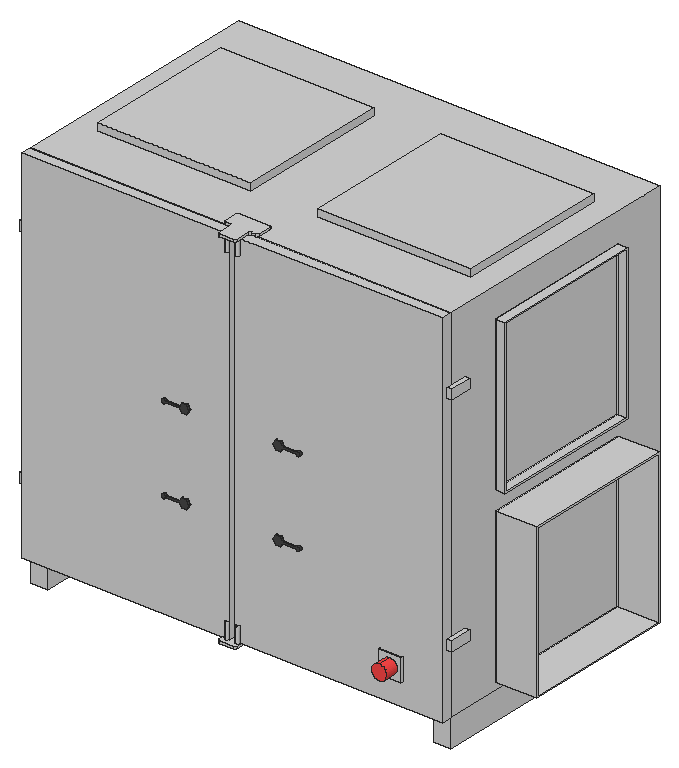
Revit family "Ventilator-RenewAire-Energy-Recovery-HE1.5XINV", category Mechanical Equipment, Revit 2015
Parameters (values of type "1 HP 120V Single Phase")
  Voltage = "120"
  Ventilation Type = "Static Plate, Heat and Humidity Transfer"
  Upper Right Connector = yes
  Upper Left Connector = yes
  Unit Width = "34-1/2\""
  Unit Weight = "362-504 lbs."
  Unit Length = "59-1/2\""
  Unit Height = "46-1/4\""
  Unit = Metal - RenewAire - Anodized - Gray Text
  URL = "www.renewaire.com"
  Typical Airflow Range = "375 - 1,575 CFM"
  Top Right Offset = if(Upper Right Connector, 2' 1", 1' 10 1/4")  # 2' - 1"
  Top Right Height = if(Upper Right Connector, 2' 0 1/2", 3' 9 7/8")  # 2' - 0 1/2"
  Top Right Connector = not(Upper Right Connector)  # no
  Top Right Angle = if(Upper Right Connector, 0.00°, 270.00°)  # 0.00°
  Top Left Offset = if(Upper Left Connector, 2' 0 3/4", 1' 9 7/8")  # 2' - 0 3/4"
  Top Left Height = if(Upper Left Connector, 2' 0 3/8", 3' 9 7/8")  # 2' - 0 3/8"
  Top Left Connector = not(Upper Left Connector)  # no
  Top Left Angle = if(Upper Left Connector, 0.00°, -90.00°)  # 0.00°
  Standard Features = "Non-Fused Disconnect, 24VAC Transformer/Relay Package"
  Shipping Weight = "571 lbs."
  Service Area Visibility = no
  Service Area Box = Interference - RenewAire - Smooth - Light - Gold
  Revit Object Download Link = ""
  Phase = "Single"
  Options = "Qty. 2, ECM Motor (see HE1.5XINV EC Motor submittal) - 1.0 HP 120V/1Ph/60HZ, 1.0HP 208-230V/1Ph/60HZ, Integrated programmable controls, Fused disconnect, Double wall construction, Gravity backdraft dampers, Class 1 low leakage motorized isolation dampers – FA, EA or both airstreams, Qty. 2 Factory mounted filter alarms, Independent blower control, Exterior paint - white, custom colors, Bypass economizer (see bypass dimension drawing page) – dry bulb temperature controls(standard), enthalpy controls(option)"
  Number Motors = "Qty. 2, 1.0 HP ea., Direct drive standard motorized impeller packages"
  Model = "HE1.5XINV"
  Minimum Circuit Amps = "14.6 A"
  Maximum Overcurrent Protection = "20 A"
  Max. Shipping Width = "47\""
  Max. Shipping Length = "70\""
  Max. Shipping Height = "59\""
  Manufacturer = "RenewAire LLC"
  Lower Right Connector = yes
  Lower Left Connector = yes
  Frequency = "60 HZ"
  FLA per Motor = "6.5"
  Description = "Energy Recovery Ventilator"
  Bottom Right Offset = if(Lower Right Connector, 2' 1", 0' 4 1/4")  # 2' - 1"
  Bottom Right Height = if(Lower Right Connector, 0' 4 1/4", 0' 3 1/4")  # 0' - 4 1/4"
  Bottom Right Connector = not(Lower Right Connector)  # no
  Bottom Right Angle = if(Lower Right Connector, 0.00°, 90.00°)  # 0.00°
  Bottom Left Offset = if(Lower Left Connector, 2' 1", 1' 10")  # 2' - 1"
  Bottom Left Height = if(Lower Left Connector, 1' 10 1/4", 0' 3")  # 1' - 10 1/4"
  Bottom Left Connector = not(Lower Left Connector)  # no
  Bottom Left Angle = if(Lower Left Connector, 180.00°, 270.00°)  # 180.00°
  Accessories = "Filters - MERV 13, 2\" (shipped loose), Backdraft Damper - OA or EA, Digital time clock - wall mount(TC7D-W), in exterior enclosure (TC7D-E), Motion occupancy control - ceiling mount(MC-C), wall mount(MC-W), Carbon dioxide control - wall mount (CO2-W), duct mount(CO2-D), Electric duct heater – EK series (1-60 KW), Indirect gas-fired duct furnace - GH Series (50-400 MBH), installed downstream of any fans"
  AHRI 1060 Certified Core = "One L62-G5 and one L125-G5"
Types (6): name | Voltage | Service Area Visibility | Phase | Minimum Circuit Amps | Maximum Overcurrent Protection | FLA per Motor
  (no name) | "120" | no | "Single" | "14.6 A" | "20 A" | "6.5"
  1 HP 120V Single Phase | "120" | no | "Single" | "14.6 A" | "20 A" | "6.5"
  1 HP 208-230V Single Phase | "208-230" | yes | "Single" | "7.7 A" | "15 A" | "3.3-3.4"
  1 HP 277V Single Phase | "277" | yes | "Single" | "6.1 A" | "15 A" | "2.7"
  1 HP 208-230V Three Phase | "208-230" | yes | "Three" | "5.0 A" | "15 A" | "2.2-2.2"
  1 HP 460V Three Phase | "460" | yes | "Three" | "2.5 A" | "15 A" | "1.1"
Reference planes (in)
  plane 1 "Center (Front/Back)": y = 0
  plane 2: z = 0
  plane 3 "Center (Left/Right)": x = 0
  plane 4 "MinServiceArea": y = -36.0625
Forms (in)
  Extrusion 1, solid, material "Metal - RenewAire - Anodized - Gray Text" <- "Unit"
    sketch origin (28, 0, 24.5625) x (0, 0, 1) y (0, 1, 0)
      loop
        line (-21.3125, 15.9375) -> (-21.3125, -14.6875) -> (21.3125, -14.6875) -> (21.3125, 15.9375) -> (-21.3125, 15.9375)
    from 3.25 to 52.75
  Extrusion 2, solid, material "Metal - RenewAire - Anodized - Gray Text" <- "Unit"
    sketch origin (0, 0, 0) x (1, 0, 0) y (0, 0, 1)
      loop
        line (-24.75, 3.25) -> (-24.75, 0) -> (-22.75, 0) -> (-22.75, 3.25) -> (-24.75, 3.25)
      loop
        line (24.75, 3.25) -> (22.75, 3.25) -> (22.75, 0) -> (24.75, 0) -> (24.75, 3.25)
    from -15.9375 to 14.6875
  Extrusion 3, solid, material "Metal - RenewAire - Anodized - Gray Text" <- "Unit"
    sketch origin (28, 0, 24.5625) x (0, 0, 1) y (-1, 0, 0)
      loop
        line (-21.3125, 52.75) -> (-21.3125, 28.25) -> (21.3125, 28.25) -> (21.3125, 52.75) -> (-21.3125, 52.75)
      loop
        line (-21.3125, 27.75) -> (-21.3125, 3.25) -> (21.3125, 3.25) -> (21.3125, 27.75) -> (-21.3125, 27.75)
    from 14.6875 to 15.9375
  Extrusion 4, solid, material "Interference - RenewAire - Smooth - Light - Gold" <- "Service Area Box", visible <- "Service Area Visibility"
    sketch origin (28, 0, 24.5625) x (0, 1, 0) y (-1, 0, 0)
      loop
        line (-15.9375, 52.75) -> (-40.4375, 52.75) -> (-40.4375, 3.25) -> (-15.9375, 3.25) -> (-15.9375, 52.75)
    from -21.3125 to 21.3125
  Extrusion 5, solid, material "Metal - RenewAire - Anodized - Gray Text" <- "Unit"
    sketch origin (28, 0, 24.5625) x (0, 0, 1) y (-1, 0, 0)
      loop
        line (-18.6875, 10.625) -> (-18.6875, 8) -> (-16.0625, 8) -> (-16.0625, 10.625) -> (-18.6875, 10.625)
    from 15.9375 to 16.15339
  Extrusion 6, solid, material "Plastic Red"
    sketch origin (28, 0, 24.5625) x (0, 0, 1) y (-1, 0, 0)
      loop
        circle (-17.375, 9.3125) r 0.875
    from 16.15339 to 17.6875
  Extrusion 7, solid, material "Metal - RenewAire - Anodized - Gray Text" <- "Unit"
    sketch origin (28, 0, 24.5625) x (0, 0, 1) y (0, 1, 0)
      loop
        line (-13.8125, -12.8125) -> (-13.8125, -15.4375) -> (-12.6875, -15.4375) -> (-12.6875, -12.8125) -> (-13.8125, -12.8125)
    from 52.75 to 53.375
  Extrusion 8, solid, material "Metal - RenewAire - Anodized - Gray Text" <- "Unit"
    sketch origin (28, 0, 51.0625) x (0, 0, 1) y (0, 1, 0)
      loop
        line (-13.8125, -12.8125) -> (-13.8125, -15.4375) -> (-12.6875, -15.4375) -> (-12.6875, -12.8125) -> (-13.8125, -12.8125)
    from 52.75 to 53.375
  Extrusion 9, solid, material "Metal - RenewAire - Anodized - Gray Text" <- "Unit"
    sketch origin (28, 0, 24.5625) x (0, 0, 1) y (0, 1, 0)
      loop
        line (-13.8125, -12.8125) -> (-13.8125, -15.4375) -> (-12.6875, -15.4375) -> (-12.6875, -12.8125) -> (-13.8125, -12.8125)
    from 2.625 to 3.25
  Extrusion 10, solid, material "Metal - RenewAire - Anodized - Gray Text" <- "Unit"
    sketch origin (28, 0, 51.0625) x (0, 0, 1) y (0, 1, 0)
      loop
        line (-13.8125, -12.8125) -> (-13.8125, -15.4375) -> (-12.6875, -15.4375) -> (-12.6875, -12.8125) -> (-13.8125, -12.8125)
    from 2.625 to 3.25
  Extrusion 11, solid, material "Metal - RenewAire - Anodized - Gray Text" <- "Unit"
    sketch origin (28, 0, 24.5625) x (0, 1, 0) y (-1, 0, 0)
      loop
        line (-12.9375, 30) -> (-14.4375, 30)
        arc (-14.4375, 30) -> (-14.61428, 29.92678) -> (-14.6875, 29.75) r 0.25
        line (-14.6875, 29.75) -> (-14.6875, 29.3125)
        arc (-14.6875, 29.3125) -> (-14.76072, 29.13572) -> (-14.9375, 29.0625) r 0.25
        line (-14.9375, 29.0625) -> (-16.5625, 29.0625)
        arc (-16.5625, 29.0625) -> (-16.73928, 28.98928) -> (-16.8125, 28.8125) r 0.25
        line (-16.8125, 28.8125) -> (-16.8125, 27.1875)
        arc (-16.8125, 27.1875) -> (-16.73928, 27.01072) -> (-16.5625, 26.9375) r 0.25
        line (-16.5625, 26.9375) -> (-14.9375, 26.9375)
        arc (-14.9375, 26.9375) -> (-14.76072, 26.86428) -> (-14.6875, 26.6875) r 0.25
        line (-14.6875, 26.6875) -> (-14.6875, 26.25)
        arc (-14.6875, 26.25) -> (-14.61428, 26.07322) -> (-14.4375, 26) r 0.25
        line (-14.4375, 26) -> (-12.9375, 26)
        arc (-12.9375, 26) -> (-12.76072, 26.07322) -> (-12.6875, 26.25) r 0.25
        line (-12.6875, 26.25) -> (-12.6875, 29.75)
        arc (-12.6875, 29.75) -> (-12.76072, 29.92678) -> (-12.9375, 30) r 0.25
    from -21.5625 to -21.3125
  Extrusion 12, solid, material "Metal - RenewAire - Anodized - Gray Text" <- "Unit"
    sketch origin (28, 0, 24.5625) x (0, 1, 0) y (-1, 0, 0)
      loop
        line (-12.9375, 30) -> (-14.4375, 30)
        arc (-14.4375, 30) -> (-14.61428, 29.92678) -> (-14.6875, 29.75) r 0.25
        line (-14.6875, 29.75) -> (-14.6875, 29.3125)
        arc (-14.6875, 29.3125) -> (-14.76072, 29.13572) -> (-14.9375, 29.0625) r 0.25
        line (-14.9375, 29.0625) -> (-16.5625, 29.0625)
        arc (-16.5625, 29.0625) -> (-16.73928, 28.98928) -> (-16.8125, 28.8125) r 0.25
        line (-16.8125, 28.8125) -> (-16.8125, 27.1875)
        arc (-16.8125, 27.1875) -> (-16.73928, 27.01072) -> (-16.5625, 26.9375) r 0.25
        line (-16.5625, 26.9375) -> (-14.9375, 26.9375)
        arc (-14.9375, 26.9375) -> (-14.76072, 26.86428) -> (-14.6875, 26.6875) r 0.25
        line (-14.6875, 26.6875) -> (-14.6875, 26.25)
        arc (-14.6875, 26.25) -> (-14.61428, 26.07322) -> (-14.4375, 26) r 0.25
        line (-14.4375, 26) -> (-12.9375, 26)
        arc (-12.9375, 26) -> (-12.76072, 26.07322) -> (-12.6875, 26.25) r 0.25
        line (-12.6875, 26.25) -> (-12.6875, 29.75)
        arc (-12.6875, 29.75) -> (-12.76072, 29.92678) -> (-12.9375, 30) r 0.25
    from 21.3125 to 21.5625
  Extrusion 13, solid, material "Metal - RenewAire - Anodized - Gray Text" <- "Unit"
    sketch origin (28, 0, 24.5625) x (0, 1, 0) y (-1, 0, 0)
      loop
        circle (-15.9375, 28.625) r 0.25
      loop
        circle (-15.9375, 27.375) r 0.25
    from -21.3125 to -19.5
  Extrusion 14, solid, material "Metal - RenewAire - Anodized - Gray Text" <- "Unit"
    sketch origin (28, 0, 24.5625) x (0, 1, 0) y (-1, 0, 0)
      loop
        circle (-15.9375, 28.625) r 0.25
      loop
        circle (-15.9375, 27.375) r 0.25
    from 19.5 to 21.3125
  Extrusion 15, solid, material "MonitorPorts"
    sketch origin (29.60669, 0, 25.19097) x (0, 0, 1) y (-1, 0, 0)
      loop
        line (-9.53348, 35.65895) -> (-9.94097, 35.42369) -> (-9.94097, 34.83769) -> (-9.43348, 34.54469) -> (-8.92599, 34.83769) -> (-8.92599, 35.42369) -> (-9.33348, 35.65895) -> (-9.33348, 37.28756)
        arc (-9.33348, 37.28756) -> (-9.43348, 37.76669) -> (-9.53348, 37.28756) r 0.25
        line (-9.53348, 37.28756) -> (-9.53348, 35.65895)
    from 15.9375 to 16.15339
  Extrusion 16, solid, material "MonitorPorts"
    sketch origin (29.60669, 0, 35.19097) x (0, 0, 1) y (-1, 0, 0)
      loop
        line (-9.53348, 35.65895) -> (-9.94097, 35.42369) -> (-9.94097, 34.83769) -> (-9.43348, 34.54469) -> (-8.92599, 34.83769) -> (-8.92599, 35.42369) -> (-9.33348, 35.65895) -> (-9.33348, 37.28756)
        arc (-9.33348, 37.28756) -> (-9.43348, 37.76669) -> (-9.53348, 37.28756) r 0.25
        line (-9.53348, 37.28756) -> (-9.53348, 35.65895)
    from 15.9375 to 16.15339
  Extrusion 17, solid, material "MonitorPorts"
    sketch origin (-29.60458, 0, 16.32401) x (0, 0, -1) y (1, 0, 0)
      loop
        line (-9.53348, 35.65895) -> (-9.94097, 35.42369) -> (-9.94097, 34.83769) -> (-9.43348, 34.54469) -> (-8.92599, 34.83769) -> (-8.92599, 35.42369) -> (-9.33348, 35.65895) -> (-9.33348, 37.28756)
        arc (-9.33348, 37.28756) -> (-9.43348, 37.76669) -> (-9.53348, 37.28756) r 0.25
        line (-9.53348, 37.28756) -> (-9.53348, 35.65895)
    from 15.9375 to 16.15339
  Extrusion 18, solid, material "MonitorPorts"
    sketch origin (-29.60458, 0, 6.32401) x (0, 0, -1) y (1, 0, 0)
      loop
        line (-9.53348, 35.65895) -> (-9.94097, 35.42369) -> (-9.94097, 34.83769) -> (-9.43348, 34.54469) -> (-8.92599, 34.83769) -> (-8.92599, 35.42369) -> (-9.33348, 35.65895) -> (-9.33348, 37.28756)
        arc (-9.33348, 37.28756) -> (-9.43348, 37.76669) -> (-9.53348, 37.28756) r 0.25
        line (-9.53348, 37.28756) -> (-9.53348, 35.65895)
    from 15.9375 to 16.15339
  Extrusion 19, solid, material "Metal - RenewAire - Anodized - Gray Text" <- "Unit", visible <- "Upper Right Connector"
    sketch origin (0, 0, 0) x (1, 0, 0) y (0, 1, 0)
      loop
        line (4, 9.6875) -> (4, -8.3125) -> (22, -8.3125) -> (22, 9.6875) -> (4, 9.6875)
    from 45.875 to 46.75
  Extrusion 20, solid, material "Metal - RenewAire - Anodized - Gray Text" <- "Unit", visible <- "Lower Right Connector"
    sketch origin (0, 0, 0) x (1, 0, 0) y (0, 1, 0)
      loop
        line (4, 9.6875) -> (4, -8.3125) -> (22, -8.3125) -> (22, 9.6875) -> (4, 9.6875)
    from 2.375 to 3.25
  Extrusion 21, solid, material "Metal - RenewAire - Anodized - Gray Text" <- "Unit", visible <- "Lower Left Connector"
    sketch origin (-26, 0, 0) x (1, 0, 0) y (0, 1, 0)
      loop
        line (4, 9.6875) -> (4, -8.3125) -> (22, -8.3125) -> (22, 9.6875) -> (4, 9.6875)
    from 2.375 to 3.25
  Extrusion 22, solid, material "Metal - RenewAire - Anodized - Gray Text", visible <- "Top Right Connector"
    sketch origin (0, 0, 0) x (1, 0, 0) y (0, 1, 0)
      loop
        line (4, 9.6875) -> (4, -8.3125) -> (22, -8.3125) -> (22, 9.6875) -> (4, 9.6875)
      loop
        line (4.125, 9.5625) -> (4.125, -8.1875) -> (21.875, -8.1875) -> (21.875, 9.5625) -> (4.125, 9.5625)
    from 45.875 to 47.125
  Extrusion 23, solid, material "Metal - RenewAire - Anodized - Gray Text", visible <- "Bottom Right Connector"
    sketch origin (0, 0, 0) x (1, 0, 0) y (0, 1, 0)
      loop
        line (4, 9.6875) -> (4, -8.3125) -> (22, -8.3125) -> (22, 9.6875) -> (4, 9.6875)
      loop
        line (4.125, 9.5625) -> (4.125, -8.1875) -> (21.875, -8.1875) -> (21.875, 9.5625) -> (4.125, 9.5625)
    from 2 to 3.25
  Extrusion 24, solid, material "Metal - RenewAire - Anodized - Gray Text", visible <- "Bottom Left Connector"
    sketch origin (-26, 0, 0) x (1, 0, 0) y (0, 1, 0)
      loop
        line (4, 9.6875) -> (4, -8.3125) -> (22, -8.3125) -> (22, 9.6875) -> (4, 9.6875)
      loop
        line (4.125, 9.5625) -> (4.125, -8.1875) -> (21.875, -8.1875) -> (21.875, 9.5625) -> (4.125, 9.5625)
    from 2 to 3.25
  Extrusion 25, solid, material "Metal - RenewAire - Anodized - Gray Text", visible <- "Bottom Left Connector"
    sketch origin (0, 0, -3.25) x (0, 1, 0) y (0, 0, 1)
      loop
        line (9.6875, 25.5) -> (-8.3125, 25.5) -> (-8.3125, 7.5) -> (9.6875, 7.5) -> (9.6875, 25.5)
    from -25.625 to -24.75
  Extrusion 26, solid, material "Metal - RenewAire - Anodized - Gray Text", visible <- "Bottom Right Connector"
    sketch origin (0, 0, -3.25) x (0, 1, 0) y (0, 0, 1)
      loop
        line (9.6875, 25.5) -> (-8.3125, 25.5) -> (-8.3125, 7.5) -> (9.6875, 7.5) -> (9.6875, 25.5)
    from 24.75 to 25.625
  Extrusion 27, solid, material "Metal - RenewAire - Anodized - Gray Text", visible <- "Top Right Connector"
    sketch origin (0, 0, 17) x (0, 1, 0) y (0, 0, 1)
      loop
        line (9.6875, 25.5) -> (-8.3125, 25.5) -> (-8.3125, 7.5) -> (9.6875, 7.5) -> (9.6875, 25.5)
    from 24.75 to 25.625
  Extrusion 28, solid, material "Metal - RenewAire - Anodized - Gray Text", visible <- "Lower Left Connector"
    sketch origin (0, 0, 0) x (0, 1, 0) y (0, 0, 1)
      loop
        line (9.6875, 22.25) -> (-8.3125, 22.25) -> (-8.3125, 4.25) -> (9.6875, 4.25) -> (9.6875, 22.25)
      loop
        line (9.5625, 22.125) -> (-8.1875, 22.125) -> (-8.1875, 4.375) -> (9.5625, 4.375) -> (9.5625, 22.125)
    from -26 to -24.75
  Extrusion 29, solid, material "Metal - RenewAire - Anodized - Gray Text"
    sketch origin (0, 0, 0) x (0, 1, 0) y (0, 0, 1)
      loop
        line (9.6875, 22.25) -> (-8.3125, 22.25) -> (-8.3125, 4.25) -> (9.6875, 4.25) -> (9.6875, 22.25)
      loop
        line (9.5625, 22.125) -> (-8.1875, 22.125) -> (-8.1875, 4.375) -> (9.5625, 4.375) -> (9.5625, 22.125)
    from 24.75 to 29.75
  Extrusion 30, solid, material "Metal - RenewAire - Anodized - Gray Text", visible <- "Upper Left Connector"
    sketch origin (0, 0, 20.125) x (0, 1, 0) y (0, 0, 1)
      loop
        line (9.6875, 22.25) -> (-8.3125, 22.25) -> (-8.3125, 4.25) -> (9.6875, 4.25) -> (9.6875, 22.25)
      loop
        line (9.5625, 22.125) -> (-8.1875, 22.125) -> (-8.1875, 4.375) -> (9.5625, 4.375) -> (9.5625, 22.125)
    from -26 to -24.75
  Extrusion 31, solid, material "Metal - RenewAire - Anodized - Gray Text", visible <- "Upper Right Connector"
    sketch origin (0, 0, 20.25) x (0, 1, 0) y (0, 0, 1)
      loop
        line (9.6875, 22.25) -> (-8.3125, 22.25) -> (-8.3125, 4.25) -> (9.6875, 4.25) -> (9.6875, 22.25)
      loop
        line (9.5625, 22.125) -> (-8.1875, 22.125) -> (-8.1875, 4.375) -> (9.5625, 4.375) -> (9.5625, 22.125)
    from 24.75 to 26
  Extrusion 32, solid, material "Metal - RenewAire - Anodized - Gray Text" <- "Unit", visible <- "Upper Left Connector"
    sketch origin (-25.875, 0, 0) x (1, 0, 0) y (0, 1, 0)
      loop
        line (4, 9.6875) -> (4, -8.3125) -> (22, -8.3125) -> (22, 9.6875) -> (4, 9.6875)
    from 45.875 to 46.75
  Extrusion 33, solid, material "Metal - RenewAire - Anodized - Gray Text", visible <- "Top Left Connector"
    sketch origin (-25.875, 0, 0) x (1, 0, 0) y (0, 1, 0)
      loop
        line (4, 9.6875) -> (4, -8.3125) -> (22, -8.3125) -> (22, 9.6875) -> (4, 9.6875)
      loop
        line (4.125, 9.5625) -> (4.125, -8.1875) -> (21.875, -8.1875) -> (21.875, 9.5625) -> (4.125, 9.5625)
    from 45.875 to 47.125
  Extrusion 34, solid, material "Metal - RenewAire - Anodized - Gray Text", visible <- "Top Left Connector"
    sketch origin (0, 0, 20.125) x (0, 1, 0) y (0, 0, 1)
      loop
        line (9.6875, 22.25) -> (-8.3125, 22.25) -> (-8.3125, 4.25) -> (9.6875, 4.25) -> (9.6875, 22.25)
    from -25.625 to -24.75
  Extrusion 35, solid, material "Metal - RenewAire - Anodized - Gray Text"
    sketch origin (0, 0, 0) x (0, 1, 0) y (0, 0, 1)
      loop
        line (9.6875, 22.25) -> (-8.3125, 22.25) -> (-8.3125, 4.25) -> (9.6875, 4.25) -> (9.6875, 22.25)
      loop
        line (9.5625, 22.125) -> (-8.1875, 22.125) -> (-8.1875, 4.375) -> (9.5625, 4.375) -> (9.5625, 22.125)
    from -29.75 to -24.75
Dimensions and locks (in)
  aligned and locked: level to plane 2
Nested families (in)
  nested 1: "Connector" at (0, 0.6875, 0), type "Lower Left Connector"
    with Offset 2' - 1", Base Height 1' - 10 1/4", A 180.00°
  nested 2: "Connector" at (-0.25, 0.6875, 0) x (-1, 0, 0) z (0, 0, 1), type "Lower Right Connector"
    with Offset 2' - 1", Base Height 0' - 4 1/4"
  nested 3: "Connector" at (-0.25, 0.6875, 0) x (-1, 0, 0) z (0, 0, 1), type "Upper Right Connector"
    with Offset 2' - 1", Base Height 2' - 0 1/2"
  nested 4: "Connector" at (0, 0.6875, 0), type "Upper Left Connector"
    with Offset 2' - 0 3/4", Base Height 2' - 0 3/8"
Connectors (in)
  hvac at (24.75, 0.6875, 33.5)
    settings: on nested 3, index 2, duct flow 0 CFM, flow factor 0, pres drop 0.00 in-wg, loss coef 0, conn angle 0.00°, conn width 18", conn height 18", conn diameter 24", duct sys type 4, conn prof type 1, flow config 0, flow direction 1, loss method 0, conn ref index -1, conn util no, is conn primary yes, conn desc "OA (Outside Air)"
  hvac at (24.75, 0.6875, 13.25)
    settings: on nested 2, index 3, duct flow 0 CFM, flow factor 0, pres drop 0.00 in-wg, loss coef 0, conn angle 0.00°, conn width 18", conn height 18", conn diameter 24", duct sys type 3, conn prof type 1, flow config 0, flow direction 2, loss method 0, conn ref index -1, conn util no, is conn primary no, conn desc "EA (Exhaust Air)"
  hvac at (-24.75, 0.6875, 13.25)
    settings: on nested 1, index 4, duct flow 0 CFM, flow factor 0, pres drop 0.00 in-wg, loss coef 0, conn angle 0.00°, conn width 18", conn height 18", conn diameter 24", duct sys type 1, conn prof type 1, flow config 0, flow direction 2, loss method 0, conn ref index -1, conn util no, is conn primary no, conn desc "FA (Fresh Air)"
  hvac at (-25, 0.6875, 33.375)
    settings: on nested 4, index 5, duct flow 0 CFM, flow factor 0, pres drop 0.00 in-wg, loss coef 0, conn angle 0.00°, conn width 18", conn height 18", conn diameter 24", duct sys type 2, conn prof type 1, flow config 0, flow direction 1, loss method 0, conn ref index -1, conn util no, is conn primary no, conn desc "RA (Return Air)"
Definition of nested family "Connector"
  Parameters
    Width = 1' - 6"
    Unit = none
    Offset = 0' - 0"
    Height = 1' - 6"
    Base Height = 0' - 6"
    A = 0.00°
  Reference planes (in)
    plane 1 "Center (Front/Back)": y = 0
    plane 2: z = 0
    plane 3 "Center (Left/Right)": x = 0
  Forms (in)
    Extrusion 1, solid, material <- "Unit"
      sketch origin (0, 0, 24) x (0, 0, -1) y (1, 0, 0)
        loop
          line (0, 0) -> (0, -0.25) -> (18, -0.25) -> (18, 0) -> (0, 0)
      from -9 to 9
  Lines and regions (in)
    reference lines
      curve 1: line (0, 0, 24) -> (0, 0, 6)
  Dimensions and locks (in)
    "Base Height": curve 1 to plane 2
    "Height": curve 1 to curve 1
    locked: curve 1 to Extrusion 1 sketch curve at 0.25
    equal spacing: Extrusion 1, curve 1, Extrusion 1
    "Width": Extrusion 1 to Extrusion 1
    "Offset": plane 3 "Center (Left/Right)" to curve 1
    "A": angle plane 3 "Center (Left/Right)" to curve 1
    aligned and locked: plane 2 to level
    aligned and locked: Extrusion 1 sketch curve to curve 1  (x3)
